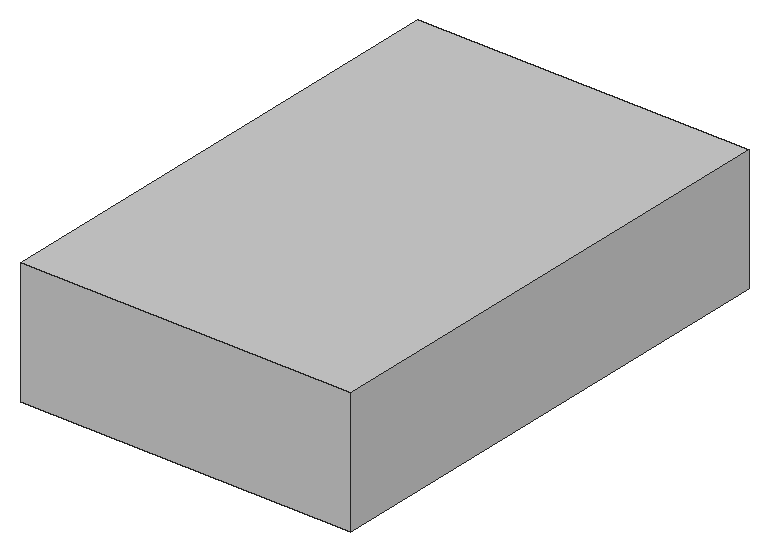
Revit family
Parameters (values of type "1800 x 1200 x 450mm")
  Width = 1200 mm
  Length = 1800 mm
  Footing Material [instance] = Concrete - Cast-in-Place Concrete
  Assembly Code = ""
  Thickness = 450 mm
Types (3, lengths in mm): name | Width | Length
  (no name) | 1200 | 1800
  1800 x 1200 x 450mm | 1200 | 1800
  2400 x 1800 x 450mm | 1800 | 2400
Reference planes
  plane 1 "Center (Front/Back)": y = 0
  plane 2: z = 0
  plane 3 "Center (Left/Right)": x = 0
  plane 4: x = -600
  plane 5: x = 600
  plane 6: y = 900
  plane 7: y = -900
Forms (mm)
  Extrusion 1, solid, material "Concrete - Cast-in-Place Concrete" <- "Footing Material"
    sketch origin (0, 0, 0) x (1, 0, 0) y (0, 1, 0)
      loop
        line (-600, 900) -> (-600, -900) -> (600, -900) -> (600, 900) -> (-600, 900)
    from -450 to 0
Dimensions and locks
  "Thickness": plane 2 to Extrusion 1
  "Width": plane 4 to plane 5
  "Length": plane 6 to plane 7
  equal spacing: plane 6, plane 1 "Center (Front/Back)", plane 7
  equal spacing: plane 4, plane 3 "Center (Left/Right)", plane 5
  aligned and locked: plane 4 to Extrusion 1 sketch curve
  aligned and locked: Extrusion 1 sketch curve to plane 5
  aligned and locked: Extrusion 1 sketch curve to plane 6
  aligned and locked: plane 7 to Extrusion 1 sketch curve
  aligned and locked: level to Extrusion 1
